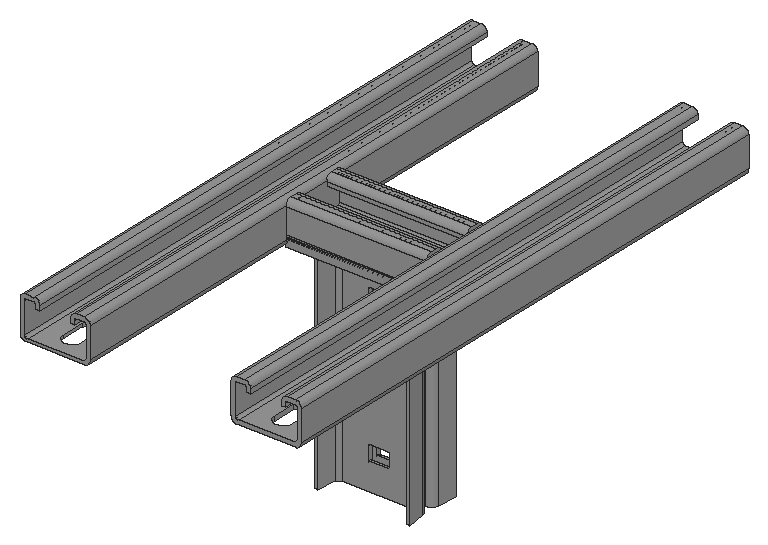
Revit family "Kopfplatte I-Stiel, KI8 CPS5-2-400FT ", category Generic Models, Revit 2017
Family settings
  Can host rebar = No
  Round Connector Dimension = Use Diameter
  Part Type = Normal
  Work Plane-Based = No
  Always vertical = Yes
  Cut with Voids When Loaded = No
  Shared = No
  Room Calculation Point = No
Parameters (values of type "KI8 CPS5-2-400FT")
  Width 1 = 50 mm
  Width = 100 mm
  URL = "http://www.obo-bettermann.com"
  Material = Hot-dip galvanised
  Manufacturer Art.No. = "6347032"
  Manufacturer = "OBO Bettermann"
  Length 1 = 150 mm
  Length = 397 mm
  Height 2 = 68 mm
  Height 1 = 150 mm
  Height = 30 mm
  GTIN = "4012195808558"
  Article Type = "KI8 CPS5-2-400FT"
Reference planes
  plane 1 "Center (Front/Back)": y = 0
  plane 2: z = 0
  plane 3 "Center (Left/Right)": x = 0
  plane 4: x = -50
  plane 5: x = 50
  plane 6: z = 30
  plane 7: z = 23
  plane 8: z = 23
  plane 9: x = -75
  plane 10: x = 50
  plane 11: x = 75
  plane 12: y = 8.5
  plane 13: y = 38.5
  plane 14: y = 58.523
  plane 15: y = 198.5
  plane 16: y = -16.781
  plane 17: x = -56.569
  plane 18: y = 198.5
  plane 19: x = 40
  plane 20: x = -40
  plane 21: z = 22.855
  plane 22: z = 30.261
  plane 23: x = 10
  plane 24: y = 173.5
  plane 25: x = -75
  plane 26: y = 181
  plane 27: y = 223.5
  plane 28: x = -40
  plane 29: y = 201
  plane 30: z = -25
  plane 31: z = -82.329
  plane 32: y = 192.75
  plane 33: z = -150
  plane 34: y = 192.75
  plane 35: z = 6.5
  plane 36: y = 194.452
  plane 37: y = 194.6
  plane 38: y = 140.936
  plane 39: x = -34
  plane 40: x = 34
  plane 41: y = 158.686
  plane 42: y = 178.636
  plane 43: y = 196.386
  plane 44: y = 196.386
  plane 45: x = -31.29
  plane 46: x = 33.557
  plane 47: x = -31.29
  plane 48: z = -125
  plane 49: y = 196.386
  plane 50: y = 201.478
  plane 51: y = 219.254
  plane 52: x = -32.233
  plane 53: x = 31.613
  plane 54: y = 201.485
  plane 55: z = -75
Forms (mm)
  Extrusion 1, solid, material "Hot-dip galvanised" <- "Material"
    sketch origin (0, 0, 0) x (1, 0, 0) y (0, 0, 1)
      loop
        line (-95.9, 0) -> (-54.1, 0)
        arc (-54.1, 0) -> (-51.201, 1.201) -> (-50, 4.1) r 4.1
        line (-50, 4.1) -> (-50, 25.9)
        arc (-50, 25.9) -> (-51.201, 28.799) -> (-54.1, 30) r 4.1
        line (-54.1, 30) -> (-59.9, 30)
        arc (-59.9, 30) -> (-62.799, 28.799) -> (-64, 25.9) r 4.1
        line (-64, 25.9) -> (-64, 23) -> (-61, 23) -> (-61, 26)
        arc (-61, 26) -> (-60.707, 26.707) -> (-60, 27) r 1
        line (-60, 27) -> (-54, 27)
        arc (-54, 27) -> (-53.293, 26.707) -> (-53, 26) r 1
        line (-53, 26) -> (-53, 4.005)
        arc (-53, 4.005) -> (-53.586, 2.591) -> (-55, 2.005) r 2
        line (-55, 2.005) -> (-95, 2.005)
        arc (-95, 2.005) -> (-96.414, 2.591) -> (-97, 4.005) r 2
        line (-97, 4.005) -> (-97, 26)
        arc (-97, 26) -> (-96.707, 26.707) -> (-96, 27) r 1
        line (-96, 27) -> (-90, 27)
        arc (-90, 27) -> (-89.293, 26.707) -> (-89, 26) r 1
        line (-89, 26) -> (-89, 23) -> (-86, 23) -> (-86, 25.9)
        arc (-86, 25.9) -> (-87.201, 28.799) -> (-90.1, 30) r 4.1
        line (-90.1, 30) -> (-95.9, 30)
        arc (-95.9, 30) -> (-98.799, 28.799) -> (-100, 25.9) r 4.1
        line (-100, 25.9) -> (-100, 4.1)
        arc (-100, 4.1) -> (-98.799, 1.201) -> (-95.9, 0) r 4.1
      loop
        line (50, 25.9) -> (50, 4.1)
        arc (50, 4.1) -> (51.201, 1.201) -> (54.1, 0) r 4.1
        line (54.1, 0) -> (95.9, 0)
        arc (95.9, 0) -> (98.799, 1.201) -> (100, 4.1) r 4.1
        line (100, 4.1) -> (100, 25.9)
        arc (100, 25.9) -> (98.799, 28.799) -> (95.9, 30) r 4.1
        line (95.9, 30) -> (90.1, 30)
        arc (90.1, 30) -> (87.201, 28.799) -> (86, 25.9) r 4.1
        line (86, 25.9) -> (86, 23) -> (89, 23) -> (89, 26)
        arc (89, 26) -> (89.293, 26.707) -> (90, 27) r 1
        line (90, 27) -> (96, 27)
        arc (96, 27) -> (96.707, 26.707) -> (97, 26) r 1
        line (97, 26) -> (97, 5)
        arc (97, 5) -> (96.414, 3.586) -> (95, 3) r 2
        line (95, 3) -> (55, 3)
        arc (55, 3) -> (53.586, 3.586) -> (53, 5) r 2
        line (53, 5) -> (53, 26)
        arc (53, 26) -> (53.293, 26.707) -> (54, 27) r 1
        line (54, 27) -> (60, 27)
        arc (60, 27) -> (60.707, 26.707) -> (61, 26) r 1
        line (61, 26) -> (61, 23) -> (64, 23) -> (64, 25.9)
        arc (64, 25.9) -> (62.799, 28.799) -> (59.9, 30) r 4.1
        line (59.9, 30) -> (54.1, 30)
        arc (54.1, 30) -> (51.201, 28.799) -> (50, 25.9) r 4.1
    from -397 to 0
  Extrusion 2, void
    sketch origin (0, -700, -0.995) x (1, 0, 0) y (0, 1, 0)
      loop
        arc (-81.5, 715.023) -> (-75, 708.523) -> (-68.5, 715.023) r 6.5
        line (-68.5, 715.023) -> (-68.5, 731.895)
        arc (-68.5, 731.895) -> (-75, 738.395) -> (-81.5, 731.895) r 6.5
        line (-81.5, 731.895) -> (-81.5, 715.023)
    from 0 to 3
  Extrusion 3, void
    sketch origin (0, -650, -0.853) x (1, 0, 0) y (0, 1, 0)
      loop
        arc (-81.5, 715.023) -> (-75, 708.523) -> (-68.5, 715.023) r 6.5
        line (-68.5, 715.023) -> (-68.5, 731.895)
        arc (-68.5, 731.895) -> (-75, 738.395) -> (-81.5, 731.895) r 6.5
        line (-81.5, 731.895) -> (-81.5, 715.023)
    from 0 to 3
  Extrusion 4, void
    sketch origin (0, -600, -0.711) x (1, 0, 0) y (0, 1, 0)
      loop
        arc (-81.5, 715.023) -> (-75, 708.523) -> (-68.5, 715.023) r 6.5
        line (-68.5, 715.023) -> (-68.5, 731.895)
        arc (-68.5, 731.895) -> (-75, 738.395) -> (-81.5, 731.895) r 6.5
        line (-81.5, 731.895) -> (-81.5, 715.023)
    from 0 to 3
  Extrusion 5, void
    sketch origin (0, -550, -0.568) x (1, 0, 0) y (0, 1, 0)
      loop
        arc (-81.5, 715.023) -> (-75, 708.523) -> (-68.5, 715.023) r 6.5
        line (-68.5, 715.023) -> (-68.5, 731.895)
        arc (-68.5, 731.895) -> (-75, 738.395) -> (-81.5, 731.895) r 6.5
        line (-81.5, 731.895) -> (-81.5, 715.023)
    from 0 to 3
  Extrusion 6, void
    sketch origin (0, -500, -0.426) x (1, 0, 0) y (0, 1, 0)
      loop
        arc (-81.5, 715.023) -> (-75, 708.523) -> (-68.5, 715.023) r 6.5
        line (-68.5, 715.023) -> (-68.5, 731.895)
        arc (-68.5, 731.895) -> (-75, 738.395) -> (-81.5, 731.895) r 6.5
        line (-81.5, 731.895) -> (-81.5, 715.023)
    from 0 to 3
  Extrusion 7, void
    sketch origin (0, -450, -0.284) x (1, 0, 0) y (0, 1, 0)
      loop
        arc (-81.5, 715.023) -> (-75, 708.523) -> (-68.5, 715.023) r 6.5
        line (-68.5, 715.023) -> (-68.5, 731.895)
        arc (-68.5, 731.895) -> (-75, 738.395) -> (-81.5, 731.895) r 6.5
        line (-81.5, 731.895) -> (-81.5, 715.023)
    from 0 to 3
  Extrusion 8, void
    sketch origin (0, -400, -0.142) x (1, 0, 0) y (0, 1, 0)
      loop
        arc (-81.5, 715.023) -> (-75, 708.523) -> (-68.5, 715.023) r 6.5
        line (-68.5, 715.023) -> (-68.5, 731.895)
        arc (-68.5, 731.895) -> (-75, 738.395) -> (-81.5, 731.895) r 6.5
        line (-81.5, 731.895) -> (-81.5, 715.023)
    from 0 to 3
  Extrusion 9, void
    sketch origin (0, -350, 0) x (1, 0, 0) y (0, 1, 0)
      loop
        arc (-81.5, 715.023) -> (-75, 708.523) -> (-68.5, 715.023) r 6.5
        line (-68.5, 715.023) -> (-68.5, 731.895)
        arc (-68.5, 731.895) -> (-75, 738.395) -> (-81.5, 731.895) r 6.5
        line (-81.5, 731.895) -> (-81.5, 715.023)
    from 0 to 3
  Extrusion 10, void
    sketch origin (0, 0, 0) x (-1, 0, 0) y (0, -1, 0)
      loop
        line (-81.5, -15.023) -> (-81.5, -31.895)
        arc (-81.5, -31.895) -> (-75, -38.395) -> (-68.5, -31.895) r 6.5
        line (-68.5, -31.895) -> (-68.5, -15.023)
        arc (-68.5, -15.023) -> (-75, -8.523) -> (-81.5, -15.023) r 6.5
    from 0 to 3
  Extrusion 11, void
    sketch origin (0, 50, 0) x (-1, 0, 0) y (0, -1, 0)
      loop
        line (-81.5, -15.023) -> (-81.5, -31.895)
        arc (-81.5, -31.895) -> (-75, -38.395) -> (-68.5, -31.895) r 6.5
        line (-68.5, -31.895) -> (-68.5, -15.023)
        arc (-68.5, -15.023) -> (-75, -8.523) -> (-81.5, -15.023) r 6.5
    from 0 to 3
  Extrusion 12, void
    sketch origin (0, 100, 0) x (-1, 0, 0) y (0, -1, 0)
      loop
        line (-81.5, -15.023) -> (-81.5, -31.895)
        arc (-81.5, -31.895) -> (-75, -38.395) -> (-68.5, -31.895) r 6.5
        line (-68.5, -31.895) -> (-68.5, -15.023)
        arc (-68.5, -15.023) -> (-75, -8.523) -> (-81.5, -15.023) r 6.5
    from 0 to 3
  Extrusion 13, void
    sketch origin (0, 150, 0) x (-1, 0, 0) y (0, -1, 0)
      loop
        line (-81.5, -15.023) -> (-81.5, -31.895)
        arc (-81.5, -31.895) -> (-75, -38.395) -> (-68.5, -31.895) r 6.5
        line (-68.5, -31.895) -> (-68.5, -15.023)
        arc (-68.5, -15.023) -> (-75, -8.523) -> (-81.5, -15.023) r 6.5
    from 0 to 3
  Extrusion 14, void
    sketch origin (0, 200, 0) x (-1, 0, 0) y (0, -1, 0)
      loop
        line (-81.5, -15.023) -> (-81.5, -31.895)
        arc (-81.5, -31.895) -> (-75, -38.395) -> (-68.5, -31.895) r 6.5
        line (-68.5, -31.895) -> (-68.5, -15.023)
        arc (-68.5, -15.023) -> (-75, -8.523) -> (-81.5, -15.023) r 6.5
    from 0 to 3
  Extrusion 15, void
    sketch origin (0, 250, 0) x (-1, 0, 0) y (0, -1, 0)
      loop
        line (-81.5, -15.023) -> (-81.5, -31.895)
        arc (-81.5, -31.895) -> (-75, -38.395) -> (-68.5, -31.895) r 6.5
        line (-68.5, -31.895) -> (-68.5, -15.023)
        arc (-68.5, -15.023) -> (-75, -8.523) -> (-81.5, -15.023) r 6.5
    from 0 to 3
  Extrusion 16, void
    sketch origin (0, 300, 0) x (-1, 0, 0) y (0, -1, 0)
      loop
        line (-81.5, -15.023) -> (-81.5, -31.895)
        arc (-81.5, -31.895) -> (-75, -38.395) -> (-68.5, -31.895) r 6.5
        line (-68.5, -31.895) -> (-68.5, -15.023)
        arc (-68.5, -15.023) -> (-75, -8.523) -> (-81.5, -15.023) r 6.5
    from 0 to 3
  Extrusion 17, void
    sketch origin (0, 350, 0) x (-1, 0, 0) y (0, -1, 0)
      loop
        line (-81.5, -15.023) -> (-81.5, -31.895)
        arc (-81.5, -31.895) -> (-75, -38.395) -> (-68.5, -31.895) r 6.5
        line (-68.5, -31.895) -> (-68.5, -15.023)
        arc (-68.5, -15.023) -> (-75, -8.523) -> (-81.5, -15.023) r 6.5
    from 0 to 3
  Extrusion 18, solid, material "Hot-dip galvanised" <- "Material"
    sketch origin (0, 0, 0) x (0, 1, 0) y (0, 0, 1)
      loop
        line (173.5, 25.441) -> (173.5, 7.5)
        arc (173.5, 7.5) -> (174.818, 4.318) -> (178, 3) r 4.5
        line (178, 3) -> (219, 3)
        arc (219, 3) -> (222.182, 4.318) -> (223.5, 7.5) r 4.5
        line (223.5, 7.5) -> (223.5, 25.488)
        arc (223.5, 25.488) -> (222.182, 28.67) -> (219, 29.988) r 4.5
        line (219, 29.988) -> (214, 29.988)
        arc (214, 29.988) -> (210.818, 28.67) -> (209.5, 25.488) r 4.5
        line (209.5, 25.488) -> (209.5, 23) -> (212.5, 23) -> (212.5, 25.855)
        arc (212.5, 25.855) -> (212.793, 26.562) -> (213.5, 26.855) r 1
        line (213.5, 26.855) -> (219.5, 26.855)
        arc (219.5, 26.855) -> (220.207, 26.562) -> (220.5, 25.855) r 1
        line (220.5, 25.855) -> (220.5, 8)
        arc (220.5, 8) -> (219.914, 6.586) -> (218.5, 6) r 2
        line (218.5, 6) -> (178.5, 6)
        arc (178.5, 6) -> (177.086, 6.586) -> (176.5, 8) r 2
        line (176.5, 8) -> (176.5, 25.855)
        arc (176.5, 25.855) -> (176.793, 26.562) -> (177.5, 26.855) r 1
        line (177.5, 26.855) -> (183.5, 26.855)
        arc (183.5, 26.855) -> (184.207, 26.562) -> (184.5, 25.855) r 1
        line (184.5, 25.855) -> (184.5, 22.855) -> (187.5, 22.855) -> (187.5, 25.441)
        arc (187.5, 25.441) -> (186.168, 28.656) -> (182.953, 29.988) r 4.547
        line (182.953, 29.988) -> (178.047, 29.988)
        arc (178.047, 29.988) -> (174.832, 28.656) -> (173.5, 25.441) r 4.547
    from -50 to 50
  Extrusion 19, void
    sketch origin (0, 0, -0.995) x (1, 0, 0) y (0, 1, 0)
      loop
        arc (16.471, 205) -> (9.971, 198.5) -> (16.471, 192) r 6.5
        line (16.471, 192) -> (33.495, 192)
        arc (33.495, 192) -> (39.995, 198.5) -> (33.495, 205) r 6.5
        line (33.495, 205) -> (16.471, 205)
    from 3.995 to 6.995
  Extrusion 20, void
    sketch origin (-50, 0, -0.995) x (1, 0, 0) y (0, 1, 0)
      loop
        arc (16.471, 205) -> (9.971, 198.5) -> (16.471, 192) r 6.5
        line (16.471, 192) -> (33.495, 192)
        arc (33.495, 192) -> (39.995, 198.5) -> (33.495, 205) r 6.5
        line (33.495, 205) -> (16.471, 205)
    from 3.995 to 6.995
  Extrusion 21, solid, material "Hot-dip galvanised" <- "Material"
    sketch origin (0, 0, 0) x (1, 0, 0) y (0, 0, 1)
      loop
        line (-49.925, 6.5) -> (-49.925, 0) -> (50, 0) -> (50, 6.5) -> (-49.925, 6.5)
    from -223.5 to -173.5
  Extrusion 22, solid, material "Hot-dip galvanised" <- "Material"
    sketch origin (0, 2.248, 0) x (1, 0, 0) y (0, 1, 0)
      loop
        arc (-26.749, 194.23) -> (-30.261, 192.902) -> (-32.014, 189.582) r 5.306
        line (-32.014, 189.582) -> (-33.66, 176.388) -> (-31.141, 176.388) -> (-29.511, 189.447)
        arc (-29.511, 189.447) -> (-28.65, 191.078) -> (-26.926, 191.73) r 2.606
        line (-26.926, 191.73) -> (27.237, 191.73)
        arc (27.237, 191.73) -> (28.926, 191.104) -> (29.801, 189.529) r 2.594
        line (29.801, 189.529) -> (31.811, 176.388) -> (34.34, 176.388) -> (32.297, 189.739)
        arc (32.297, 189.739) -> (30.514, 192.953) -> (27.067, 194.23) r 5.292
        line (27.067, 194.23) -> (-26.749, 194.23)
    from -150 to 0
  Extrusion 23, solid, material "Hot-dip galvanised" <- "Material"
    sketch origin (0, 0, 0) x (1, 0, 0) y (0, 1, 0)
      loop
        line (-25.464, 201.485) -> (27.463, 201.485)
        arc (27.463, 201.485) -> (30.955, 202.836) -> (32.631, 206.184) r 5.192
        line (32.631, 206.184) -> (33.877, 219.254) -> (31.566, 219.254) -> (30.329, 206.24)
        arc (30.329, 206.24) -> (29.524, 204.629) -> (27.844, 203.98) r 2.497
        line (27.844, 203.98) -> (-25.62, 203.98)
        arc (-25.62, 203.98) -> (-27.154, 204.504) -> (-28.048, 205.856) r 2.509
        line (-28.048, 205.856) -> (-31.54, 219.254) -> (-34.123, 219.254) -> (-30.509, 205.384)
        arc (-30.509, 205.384) -> (-28.652, 202.574) -> (-25.464, 201.485) r 5.214
    from -150 to 0
  Extrusion 24, void
    sketch origin (0, 0, 0) x (1, 0, 0) y (0, 0, 1)
      loop
        arc (-7, -119.5) -> (-7.354, -119.646) -> (-7.5, -120) r 0.5
        line (-7.5, -120) -> (-7.5, -130)
        arc (-7.5, -130) -> (-7.354, -130.354) -> (-7, -130.5) r 0.5
        line (-7, -130.5) -> (7, -130.5)
        arc (7, -130.5) -> (7.354, -130.354) -> (7.5, -130) r 0.5
        line (7.5, -130) -> (7.5, -120)
        arc (7.5, -120) -> (7.354, -119.646) -> (7, -119.5) r 0.5
        line (7, -119.5) -> (-7, -119.5)
    from -196.471 to -193.978
  Extrusion 25, void
    sketch origin (0, 397, 0) x (1, 0, 0) y (0, 0, -1)
      loop
        line (-7, 119.5) -> (7, 119.5)
        arc (7, 119.5) -> (7.354, 119.646) -> (7.5, 120) r 0.5
        line (7.5, 120) -> (7.5, 130)
        arc (7.5, 130) -> (7.354, 130.354) -> (7, 130.5) r 0.5
        line (7, 130.5) -> (-7, 130.5)
        arc (-7, 130.5) -> (-7.354, 130.354) -> (-7.5, 130) r 0.5
        line (-7.5, 130) -> (-7.5, 120)
        arc (-7.5, 120) -> (-7.354, 119.646) -> (-7, 119.5) r 0.5
    from -195.477 to -192.995
  Extrusion 26, void
    sketch origin (0, 0, 50) x (1, 0, 0) y (0, 0, 1)
      loop
        arc (-7, -119.5) -> (-7.354, -119.646) -> (-7.5, -120) r 0.5
        line (-7.5, -120) -> (-7.5, -130)
        arc (-7.5, -130) -> (-7.354, -130.354) -> (-7, -130.5) r 0.5
        line (-7, -130.5) -> (7, -130.5)
        arc (7, -130.5) -> (7.354, -130.354) -> (7.5, -130) r 0.5
        line (7.5, -130) -> (7.5, -120)
        arc (7.5, -120) -> (7.354, -119.646) -> (7, -119.5) r 0.5
        line (7, -119.5) -> (-7, -119.5)
    from -196.471 to -193.978
  Extrusion 27, void
    sketch origin (0, 0, 100) x (1, 0, 0) y (0, 0, 1)
      loop
        arc (-7, -119.5) -> (-7.354, -119.646) -> (-7.5, -120) r 0.5
        line (-7.5, -120) -> (-7.5, -130)
        arc (-7.5, -130) -> (-7.354, -130.354) -> (-7, -130.5) r 0.5
        line (-7, -130.5) -> (7, -130.5)
        arc (7, -130.5) -> (7.354, -130.354) -> (7.5, -130) r 0.5
        line (7.5, -130) -> (7.5, -120)
        arc (7.5, -120) -> (7.354, -119.646) -> (7, -119.5) r 0.5
        line (7, -119.5) -> (-7, -119.5)
    from -196.471 to -193.978
  Extrusion 28, void
    sketch origin (0, 397, 50) x (1, 0, 0) y (0, 0, -1)
      loop
        line (-7, 119.5) -> (7, 119.5)
        arc (7, 119.5) -> (7.354, 119.646) -> (7.5, 120) r 0.5
        line (7.5, 120) -> (7.5, 130)
        arc (7.5, 130) -> (7.354, 130.354) -> (7, 130.5) r 0.5
        line (7, 130.5) -> (-7, 130.5)
        arc (-7, 130.5) -> (-7.354, 130.354) -> (-7.5, 130) r 0.5
        line (-7.5, 130) -> (-7.5, 120)
        arc (-7.5, 120) -> (-7.354, 119.646) -> (-7, 119.5) r 0.5
    from -195.477 to -192.995
  Extrusion 29, void
    sketch origin (0, 397, 100) x (1, 0, 0) y (0, 0, -1)
      loop
        line (-7, 119.5) -> (7, 119.5)
        arc (7, 119.5) -> (7.354, 119.646) -> (7.5, 120) r 0.5
        line (7.5, 120) -> (7.5, 130)
        arc (7.5, 130) -> (7.354, 130.354) -> (7, 130.5) r 0.5
        line (7, 130.5) -> (-7, 130.5)
        arc (-7, 130.5) -> (-7.354, 130.354) -> (-7.5, 130) r 0.5
        line (-7.5, 130) -> (-7.5, 120)
        arc (-7.5, 120) -> (-7.354, 119.646) -> (-7, 119.5) r 0.5
    from -195.477 to -192.995
Cuts and joins
  Extrusion 2, Extrusion 3, Extrusion 4, Extrusion 5, Extrusion 6, Extrusion 7, Extrusion 8, Extrusion 9, Extrusion 10, Extrusion 11, Extrusion 12, Extrusion 13, Extrusion 14, Extrusion 15, Extrusion 16, Extrusion 17 cuts Extrusion 1
  Extrusion 19, Extrusion 20 cuts Extrusion 18
  Extrusion 24, Extrusion 25, Extrusion 26, Extrusion 27 cuts Extrusion 22
  Extrusion 25, Extrusion 28, Extrusion 29 cuts Extrusion 23
Dimensions and locks
  locked: plane 3 "Center (Left/Right)" to plane 4 at 50
  locked: plane 5 to plane 3 "Center (Left/Right)" at 50
  locked: Extrusion 1 sketch curve to plane 7 at 7
  Extrusion 1 sketch curve to Extrusion 1 sketch curve = 22 mm
  locked: Extrusion 1 sketch curve to Extrusion 1 sketch curve at 14  (x4)
  Extrusion 1 sketch curve to Extrusion 1 sketch curve = 2.198 mm
  locked: Extrusion 1 sketch curve to plane 9 at 25
  locked: plane 10 to plane 3 "Center (Left/Right)" at 50
  locked: Extrusion 1 sketch curve to plane 11 at 25
  locked: Extrusion 1 sketch curve to Extrusion 1 sketch curve at 22
  "Length": Extrusion 1 to Extrusion 1
  locked: Extrusion 1 to plane 12 at 8.5
  locked: plane 13 to plane 12 at 30
  locked: cut or joined group 1 (Extrusion 1, Extrusion 2, Extrusion 3, Extrusion 4, Extrusion 5, Extrusion 6, Extrusion 7, Extrusion 8, Extrusion 9, Extrusion 10, Extrusion 11, Extrusion 12, Extrusion 13, Extrusion 14, Extrusion 15, Extrusion 16, Extrusion 17) to plane 13 at 38.5
  equal spacing: group 1, group 2, group 3, group 4, group 5, group 6, group 7, group 8  (x3)
  locked: cut or joined group 1 to plane 13 at 20.023
  equal spacing: group 9, group 10, group 11, group 12, group 13, group 14, group 15, group 16  (x3)
  locked: plane 15 to plane 1 "Center (Front/Back)" at 198.5
  locked: plane 1 "Center (Front/Back)" to plane 18 at 198.5
  Extrusion 18 sketch curve to Extrusion 18 sketch curve = 50 mm
  plane 18 to Extrusion 18 sketch curve = 25 mm
  Extrusion 18 sketch curve to plane 18 = 25 mm
  locked: Extrusion 18 sketch curve to Extrusion 18 sketch curve at 14
  Extrusion 18 sketch curve to Extrusion 18 sketch curve = 14 mm
  Extrusion 18 sketch curve to Extrusion 18 sketch curve = 3.133 mm
  Extrusion 18 sketch curve to Extrusion 18 sketch curve = 3.041 mm  (x2)
  locked: plane 19 to Extrusion 18 at 10
  locked: Extrusion 19 sketch curve to Extrusion 19 sketch curve at 13
  locked: cut or joined group of Extrusion 18, Extrusion 19, Extrusion 20 to cut or joined group of Extrusion 18, Extrusion 19, Extrusion 20 at 4.5  (x2)
  locked: Extrusion 20 sketch curve to Extrusion 20 sketch curve at 13
  group 18 to group 17 = 50 mm
  group 17 to group 18 = 0 mm  (x2)
  Extrusion 21 to Extrusion 21 = 50 mm
  level to Extrusion 21 = 6.5 mm
  "Width 1": Extrusion 21 to Extrusion 21
  locked: cut or joined group 1 to plane 29 at 196
  level to plane 33 = 150 mm
  locked: plane 35 to Extrusion 21 at 6.5
  locked: Extrusion 21 to plane 42 at 5.136
  "Length 1": Extrusion 21 to Extrusion 22
  Extrusion 22 sketch curve to Extrusion 22 sketch curve = 68 mm
  "Height 2": Extrusion 22 to Extrusion 22
  "Height 2": Extrusion 22 sketch curve to Extrusion 22 sketch curve
  locked: Extrusion 22 sketch curve to Extrusion 22 sketch curve at 2.5  (x3)
  locked: plane 48 to Extrusion 22 at 25
  "Height 2": Extrusion 23 sketch curve to Extrusion 23 sketch curve
  locked: Extrusion 23 sketch curve to Extrusion 23 sketch curve at 2.5
  locked: Extrusion 23 to plane 54 at 17.769
  locked: plane 55 to plane 48 at 50
  locked: Extrusion 24 sketch curve to Extrusion 24 sketch curve at 11
  Extrusion 24 sketch curve to Extrusion 24 sketch curve = 15 mm
  plane 3 "Center (Left/Right)" to Extrusion 24 sketch curve = 7.5 mm  (x2)
  locked: Extrusion 24 to plane 3 "Center (Left/Right)" at 7.5
  locked: Extrusion 24 to Extrusion 24 at 11
  locked: Extrusion 24 to Extrusion 23 at 26.623
  locked: Extrusion 25 sketch curve to Extrusion 25 sketch curve at 11
  Extrusion 25 sketch curve to Extrusion 25 sketch curve = 15 mm
  locked: Extrusion 25 to Extrusion 25 at 11
  locked: Extrusion 26 sketch curve to Extrusion 26 sketch curve at 11
  Extrusion 26 sketch curve to Extrusion 26 sketch curve = 15 mm
  locked: Extrusion 26 to Extrusion 26 at 11
  locked: Extrusion 27 sketch curve to Extrusion 27 sketch curve at 11
  Extrusion 27 sketch curve to Extrusion 27 sketch curve = 15 mm
  locked: Extrusion 27 to Extrusion 27 at 11
  locked: Extrusion 28 sketch curve to Extrusion 28 sketch curve at 11
  Extrusion 28 sketch curve to Extrusion 28 sketch curve = 15 mm
  locked: Extrusion 28 to Extrusion 28 at 11
  equal spacing: group 21, group 22, group 23  (x3)
  locked: Extrusion 29 sketch curve to Extrusion 29 sketch curve at 11
  Extrusion 29 sketch curve to Extrusion 29 sketch curve = 15 mm
  locked: Extrusion 29 to Extrusion 29 at 11
  angle cut or joined group 1 to plane 18 = 90.00°
  aligned and locked: level to plane 2
  aligned and locked: Extrusion 1 sketch curve to Extrusion 1 sketch curve  (x3)
  aligned and locked: Extrusion 1 to Extrusion 1  (x4)
  aligned and locked: plane 1 "Center (Front/Back)" to Extrusion 1
  aligned and locked: Extrusion 1 to Extrusion 2
  aligned and locked: Extrusion 18 sketch curve to Extrusion 18 sketch curve
  aligned and locked: cut or joined group 1 to Extrusion 18 sketch curve
  aligned and locked: Extrusion 18 to plane 4
  aligned and locked: plane 5 to Extrusion 18
  aligned and locked: cut or joined group 1 to cut or joined group 1  (x8)
  aligned and locked: Extrusion 19 to cut or joined group 1
  aligned and locked: cut or joined group of Extrusion 18, Extrusion 19, Extrusion 20 to cut or joined group of Extrusion 18, Extrusion 19, Extrusion 20  (x2)
  aligned and locked: Extrusion 18 to Extrusion 21
  aligned and locked: cut or joined group of Extrusion 18, Extrusion 19, Extrusion 20 to Extrusion 21
  aligned and locked: Extrusion 21 to plane 35
  aligned and locked: plane 47 to plane 45
  aligned and locked: level to Extrusion 22
  aligned and locked: Extrusion 23 sketch curve to plane 51  (x2)
  aligned and locked: Extrusion 22 to Extrusion 24
  aligned and locked: cut or joined group of Extrusion 22, Extrusion 24, Extrusion 25, Extrusion 26, Extrusion 27 to cut or joined group of Extrusion 22, Extrusion 24, Extrusion 25, Extrusion 26, Extrusion 27  (x2)
Automatic sketch dimensions
  Extrusion 2 sketch curve to Extrusion 2 sketch curve = 6.5 mm
  Extrusion 2 sketch curve to Extrusion 2 sketch curve = 16.872 mm
  Extrusion 3 sketch curve to Extrusion 3 sketch curve = 6.5 mm
  Extrusion 3 sketch curve to Extrusion 3 sketch curve = 16.872 mm
  Extrusion 4 sketch curve to Extrusion 4 sketch curve = 6.5 mm
  Extrusion 4 sketch curve to Extrusion 4 sketch curve = 16.872 mm
  Extrusion 5 sketch curve to Extrusion 5 sketch curve = 6.5 mm
  Extrusion 5 sketch curve to Extrusion 5 sketch curve = 16.872 mm
  Extrusion 6 sketch curve to Extrusion 6 sketch curve = 6.5 mm
  Extrusion 6 sketch curve to Extrusion 6 sketch curve = 16.872 mm
  Extrusion 7 sketch curve to Extrusion 7 sketch curve = 6.5 mm
  Extrusion 7 sketch curve to Extrusion 7 sketch curve = 16.872 mm
  Extrusion 8 sketch curve to Extrusion 8 sketch curve = 6.5 mm
  Extrusion 8 sketch curve to Extrusion 8 sketch curve = 16.872 mm
  Extrusion 9 sketch curve to Extrusion 9 sketch curve = 6.5 mm
  Extrusion 9 sketch curve to Extrusion 9 sketch curve = 16.872 mm
  Extrusion 10 sketch curve to Extrusion 10 sketch curve = 6.5 mm
  Extrusion 10 sketch curve to Extrusion 10 sketch curve = 16.872 mm
  Extrusion 11 sketch curve to Extrusion 11 sketch curve = 6.5 mm
  Extrusion 11 sketch curve to Extrusion 11 sketch curve = 16.872 mm
  Extrusion 12 sketch curve to Extrusion 12 sketch curve = 6.5 mm
  Extrusion 12 sketch curve to Extrusion 12 sketch curve = 16.872 mm
  Extrusion 13 sketch curve to Extrusion 13 sketch curve = 6.5 mm
  Extrusion 13 sketch curve to Extrusion 13 sketch curve = 16.872 mm
  Extrusion 14 sketch curve to Extrusion 14 sketch curve = 6.5 mm
  Extrusion 14 sketch curve to Extrusion 14 sketch curve = 16.872 mm
  Extrusion 15 sketch curve to Extrusion 15 sketch curve = 6.5 mm
  Extrusion 15 sketch curve to Extrusion 15 sketch curve = 16.872 mm
  Extrusion 16 sketch curve to Extrusion 16 sketch curve = 6.5 mm
  Extrusion 16 sketch curve to Extrusion 16 sketch curve = 16.872 mm
  Extrusion 17 sketch curve to Extrusion 17 sketch curve = 6.5 mm
  Extrusion 17 sketch curve to Extrusion 17 sketch curve = 16.872 mm
  plane 23 to Extrusion 19 sketch curve = 6.471 mm
  Extrusion 19 sketch curve to Extrusion 19 sketch curve = 17.024 mm
  plane 28 to Extrusion 20 sketch curve = 6.471 mm
  Extrusion 20 sketch curve to Extrusion 20 sketch curve = 17.024 mm
  Extrusion 1 sketch curve to level = 0 mm  (x2)
  Extrusion 1 sketch curve to plane 7 = 0 mm  (x3)
  Extrusion 1 sketch curve to plane 6 = 0 mm  (x2)
  Extrusion 1 sketch curve to Extrusion 1 sketch curve = 3 mm  (x5)
  Extrusion 1 sketch curve to Extrusion 1 sketch curve = 1 mm  (x4)
  Extrusion 1 sketch curve to Extrusion 1 sketch curve = 0.1 mm  (x11)
  Extrusion 1 sketch curve to Extrusion 1 sketch curve = 1.1 mm  (x4)
  Extrusion 1 sketch curve to Extrusion 1 sketch curve = 0.9 mm  (x4)
  plane 7 to Extrusion 1 sketch curve = 2.9 mm
  plane 17 to Extrusion 1 sketch curve = 1.569 mm
  plane 17 to Extrusion 1 sketch curve = 2.469 mm
  Extrusion 1 sketch curve to plane 35 = 1.5 mm  (x2)
  plane 5 to Extrusion 1 sketch curve = 3 mm
  Extrusion 1 sketch curve to Extrusion 1 sketch curve = 4.1 mm
  Extrusion 1 sketch curve to Extrusion 1 sketch curve = 5 mm
  Extrusion 18 sketch curve to plane 21 = 0 mm
  plane 35 to Extrusion 18 sketch curve = 1.5 mm
  plane 24 to Extrusion 18 sketch curve = 3 mm
  Extrusion 18 sketch curve to Extrusion 18 sketch curve = 1 mm  (x4)
  level to Extrusion 18 sketch curve = 3 mm
  Extrusion 18 sketch curve to plane 22 = 0.273 mm
  Extrusion 18 sketch curve to plane 26 = 2.953 mm
  Extrusion 18 sketch curve to plane 35 = 0.5 mm
  plane 26 to Extrusion 18 sketch curve = 1.953 mm
  Extrusion 18 sketch curve to Extrusion 18 sketch curve = 0.547 mm
  Extrusion 18 sketch curve to Extrusion 18 sketch curve = 3 mm
  Extrusion 18 sketch curve to Extrusion 18 sketch curve = 0.5 mm  (x3)
  Extrusion 18 sketch curve to plane 27 = 5 mm
  Extrusion 18 sketch curve to plane 27 = 4.5 mm
  Extrusion 18 sketch curve to Extrusion 18 sketch curve = 0.367 mm
  Extrusion 21 sketch curve to level = 0 mm
  Extrusion 21 sketch curve to plane 35 = 0 mm
  Extrusion 21 sketch curve to plane 5 = 0 mm
  plane 4 to Extrusion 21 sketch curve = 0.075 mm
  Extrusion 22 sketch curve to plane 42 = 0 mm
  plane 42 to Extrusion 22 sketch curve = 0 mm
  plane 39 to Extrusion 22 sketch curve = 0.34 mm
  plane 45 to Extrusion 22 sketch curve = 0.724 mm
  Extrusion 22 sketch curve to Extrusion 22 sketch curve = 2.519 mm
  plane 32 to Extrusion 22 sketch curve = 1.054 mm
  plane 36 to Extrusion 22 sketch curve = 0.473 mm
  plane 32 to Extrusion 22 sketch curve = 1.563 mm
  plane 46 to Extrusion 22 sketch curve = 6.491 mm
  Extrusion 22 sketch curve to Extrusion 22 sketch curve = 0.17 mm
  plane 54 to Extrusion 23 sketch curve = 0 mm
  Extrusion 23 sketch curve to plane 52 = 1.89 mm
  Extrusion 23 sketch curve to Extrusion 23 sketch curve = 2.583 mm
  plane 52 to Extrusion 23 sketch curve = 1.724 mm
  Extrusion 23 sketch curve to Extrusion 23 sketch curve = 2.46 mm
  Extrusion 23 sketch curve to plane 54 = 2.495 mm
  Extrusion 23 sketch curve to plane 53 = 4.151 mm
  Extrusion 23 sketch curve to Extrusion 23 sketch curve = 0.381 mm
  Extrusion 23 sketch curve to plane 53 = 1.284 mm
  Extrusion 23 sketch curve to plane 53 = 0.047 mm
  plane 53 to Extrusion 23 sketch curve = 1.017 mm
  Extrusion 24 sketch curve to Extrusion 24 sketch curve = 0.5 mm  (x4)
  Extrusion 25 sketch curve to Extrusion 25 sketch curve = 0.5 mm  (x4)
  Extrusion 26 sketch curve to Extrusion 26 sketch curve = 0.5 mm  (x4)
  Extrusion 27 sketch curve to Extrusion 27 sketch curve = 0.5 mm  (x4)
  Extrusion 24 sketch curve to plane 48 = 5.5 mm
  Extrusion 28 sketch curve to Extrusion 28 sketch curve = 0.5 mm  (x4)
  Extrusion 29 sketch curve to Extrusion 29 sketch curve = 0.5 mm  (x4)
